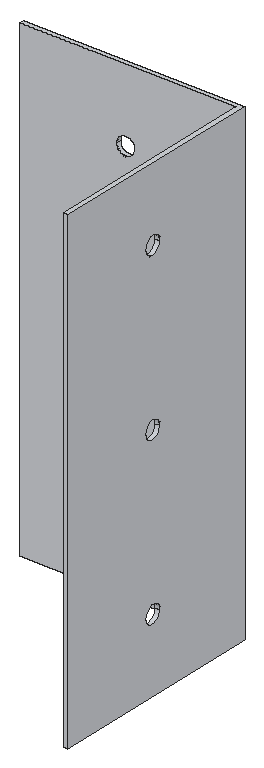
Revit family "UtilityClip", category Structural Connections, Revit 2024
Family settings
  Material for Model Behavior = Other
  Work Plane-Based = No
  Enable Cutting in Views = No
  Always vertical = Yes
  Cut with Voids When Loaded = No
  Shared = No
Parameters (values of type "Default")
  Width = 38.1 mm
  Weight = 0.00 lbf/ft
  URL = "https://www.marinoware.com/product-category/framerite-connectors/rigid/"
  Thickness_Temp = if(Thickness < 0.794 mm, 0.794 mm, Thickness)  # 0.794 mm
  Thickness = 0.54 mm
  SecondHoleControl = if(Length = 50.8 mm, 50.8 mm, 31.75 mm)  # 31.75 mm
  ScrewPattern [instance] = ""
  Reported Length [instance] = 38.1 mm
  Product Submittal Link = "https://www.marinoware.com/submittal/"
  Product Info = "Utility Clip (UA)"
  Manufacturer = "Marino\\WARE®"
  Length = 38.1 mm
  Height = 82.55 mm
  BOM_Weight = 0.00 lbf
Types (3, lengths in mm): name | Thickness_Temp | Thickness | Reported Length
  Default | 0.794 | 0.54 | 38.1
  400x200x800-54 | 1.389 | 1.389 | 203.2
  150x150x300-54 | 1.389 | 1.389 | 38.1
Reference planes
  plane 1 "Center (Front/Back)": y = 0
  plane 2: z = 0
  plane 3 "Center (Left/Right)": x = 0
  plane 4: y = -38.1
  plane 5: z = 82.55
  plane 6: x = -38.1
  plane 7: y = -0.794
  plane 8: x = -0.794
  plane 9: z = 69.85
  plane 10: z = 12.7
  plane 11: z = 41.275
  plane 12: x = -19.844
  plane 13: y = -19.844
  plane 14: y = -51.594
  plane 15: y = -83.344
Forms (mm)
  Extrusion 1, solid, detail levels medium+fine
    sketch origin (0, 0, 0) x (1, 0, 0) y (0, 1, 0)
      loop
        line (-38.1, 0) -> (-38.1, -0.794) -> (-0.794, -0.794) -> (-0.794, -38.1) -> (0, -38.1) -> (0, 0) -> (-38.1, 0)
    from 0 to 82.55
  Extrusion 2, void
    sketch origin (0, 0, 0) x (1, 0, 0) y (0, 0, 1)
      loop
        circle (-19.844, 69.85) r 1.588
      loop
        circle (-19.844, 41.275) r 1.587
      loop
        circle (-19.844, 12.7) r 1.587
    from 0 to 0.794
  Extrusion 3, void
    sketch origin (0, 0, 0) x (0, 1, 0) y (0, 0, 1)
      loop
        circle (-19.844, 69.85) r 1.588
      loop
        circle (-19.844, 41.275) r 1.588
      loop
        circle (-19.844, 12.7) r 1.588
      loop
        circle (-51.594, 12.7) r 1.587
      loop
        circle (-51.594, 41.275) r 1.587
      loop
        circle (-51.594, 69.85) r 1.587
      loop
        circle (-83.344, 69.85) r 1.587
      loop
        circle (-83.344, 41.275) r 1.588
      loop
        circle (-83.344, 12.7) r 1.587
    from -0.794 to 0
Cuts and joins
  Extrusion 2, Extrusion 3 cuts Extrusion 1
Lines and regions (mm)
  model lines, detail levels coarse
    curve 1: line (-38.497, 0, 0) -> (-38.497, 0, 82.55)
Dimensions and locks
  "Length": plane 4 to plane 1 "Center (Front/Back)"
  "Height": plane 5 to plane 2
  "Width": plane 6 to plane 3 "Center (Left/Right)"
  "Thickness_Temp": plane 8 to plane 3 "Center (Left/Right)"
  "Thickness_Temp": plane 7 to plane 1 "Center (Front/Back)"
  locked: plane 8 to plane 12 at 19.05
  locked: plane 5 to plane 9 at 12.7
  locked: plane 10 to plane 2 at 12.7
  equal spacing: plane 5, plane 11, plane 2
  locked: plane 7 to plane 13 at 19.05
  "SecondHoleControl": plane 13 to plane 14
  plane 14 to plane 15 = 31.75 mm
  "Reported Length": plane 1 "Center (Front/Back)" to plane 4
  aligned and locked: plane 2 to level
  aligned and locked: Extrusion 1 sketch curve to plane 4
  aligned and locked: plane 3 "Center (Left/Right)" to Extrusion 1 sketch curve
  aligned and locked: Extrusion 1 sketch curve to plane 1 "Center (Front/Back)"
  aligned and locked: plane 5 to Extrusion 1
  aligned and locked: Extrusion 1 to level
  aligned and locked: Extrusion 1 to plane 6  (x2)
  aligned and locked: Extrusion 1 to plane 7  (x2)
  aligned and locked: plane 3 "Center (Left/Right)" to Extrusion 1
  aligned and locked: Extrusion 1 to plane 8
  aligned and locked: Extrusion 1 to plane 1 "Center (Front/Back)"
  aligned and locked: Extrusion 2 to plane 1 "Center (Front/Back)"
  aligned and locked: Extrusion 1 to Extrusion 2
  aligned and locked: Extrusion 1 to Extrusion 3
  aligned and locked: plane 3 "Center (Left/Right)" to Extrusion 3
Automatic sketch dimensions
  plane 1 "Center (Front/Back)" to Extrusion 1 sketch curve = 0.794 mm
  Extrusion 1 sketch curve to Extrusion 1 sketch curve = 0.794 mm
  Extrusion 1 sketch curve to Extrusion 1 sketch curve = 37.306 mm
  Extrusion 2 sketch curve to plane 11 = 0 mm
  Extrusion 2 sketch curve to plane 12 = 0 mm  (x3)
  Extrusion 2 sketch curve to plane 9 = 0 mm
  Extrusion 2 sketch curve to plane 10 = 0 mm
  curve 1 to plane 5 = 0 mm
  curve 1 to level = 0 mm
  Extrusion 3 sketch curve to plane 11 = 0 mm  (x3)
  Extrusion 3 sketch curve to plane 15 = 0 mm  (x3)
  Extrusion 3 sketch curve to plane 9 = 0 mm  (x3)
  Extrusion 3 sketch curve to plane 10 = 0 mm  (x3)
  Extrusion 3 sketch curve to plane 14 = 0 mm  (x3)
  Extrusion 3 sketch curve to plane 13 = 0 mm  (x3)
  curve 1 to plane 6 = 0.397 mm
  radius of Extrusion 2 sketch curve = 1.588 mm
  radius of Extrusion 2 sketch curve = 1.587 mm  (x2)
  radius of Extrusion 3 sketch curve = 1.588 mm  (x4)
  radius of Extrusion 3 sketch curve = 1.587 mm  (x5)
Types in the file's own list only (96): name | Width | Thickness_Temp | Thickness | SecondHoleControl | Length | Height
  UA-113-16 | 38 mm | 1 mm | 1 mm | 32 mm | 38 mm | 83 mm
  UA-223-16 | 51 mm | 1 mm | 1 mm | 51 mm | 51 mm | 83 mm
  UA-133-16 | 38 mm | 1 mm | 1 mm | 32 mm | 76 mm | 83 mm
  UA-143-16 | 38 mm | 1 mm | 1 mm | 32 mm | 102 mm | 83 mm
  UA-115-16 | 38 mm | 1 mm | 1 mm | 32 mm | 38 mm | 133 mm
  UA-225-16 | 51 mm | 1 mm | 1 mm | 51 mm | 51 mm | 133 mm
  UA-135-16 | 38 mm | 1 mm | 1 mm | 32 mm | 76 mm | 133 mm
  UA-145-16 | 38 mm | 1 mm | 1 mm | 32 mm | 102 mm | 133 mm
  UA-118-16 | 38 mm | 1 mm | 1 mm | 32 mm | 38 mm | 197 mm
  UA-228-16 | 51 mm | 1 mm | 1 mm | 51 mm | 51 mm | 197 mm
  UA-138-16 | 38 mm | 1 mm | 1 mm | 32 mm | 76 mm | 197 mm
  UA-148-16 | 38 mm | 1 mm | 1 mm | 32 mm | 102 mm | 197 mm
  UA-119-16 | 38 mm | 1 mm | 1 mm | 32 mm | 38 mm | 229 mm
  UA-229-16 | 51 mm | 1 mm | 1 mm | 51 mm | 51 mm | 229 mm
  UA-139-16 | 38 mm | 1 mm | 1 mm | 32 mm | 76 mm | 229 mm
  UA-149-16 | 38 mm | 1 mm | 1 mm | 32 mm | 102 mm | 229 mm
  UA-1110-16 | 38 mm | 1 mm | 1 mm | 32 mm | 38 mm | 248 mm
  UA-2210-16 | 51 mm | 1 mm | 1 mm | 51 mm | 51 mm | 248 mm
  UA-1310-16 | 38 mm | 1 mm | 1 mm | 32 mm | 76 mm | 248 mm
  UA-1410-16 | 38 mm | 1 mm | 1 mm | 32 mm | 102 mm | 248 mm
  UA-1112-16 | 38 mm | 1 mm | 1 mm | 32 mm | 38 mm | 298 mm
  UA-2212-16 | 51 mm | 1 mm | 1 mm | 51 mm | 51 mm | 298 mm
  UA-1312-16 | 38 mm | 1 mm | 1 mm | 32 mm | 76 mm | 298 mm
  UA-1412-16 | 38 mm | 1 mm | 1 mm | 32 mm | 102 mm | 298 mm
  UA-1114-16 | 38 mm | 1 mm | 1 mm | 32 mm | 38 mm | 349 mm
  UA-2214-16 | 51 mm | 1 mm | 1 mm | 51 mm | 51 mm | 349 mm
  UA-1314-16 | 38 mm | 1 mm | 1 mm | 32 mm | 76 mm | 349 mm
  UA-1414-16 | 38 mm | 1 mm | 1 mm | 32 mm | 102 mm | 349 mm
  UA-1116-16 | 38 mm | 1 mm | 1 mm | 32 mm | 38 mm | 400 mm
  UA-2216-16 | 51 mm | 1 mm | 1 mm | 51 mm | 51 mm | 400 mm
  UA-1316-16 | 38 mm | 1 mm | 1 mm | 32 mm | 76 mm | 400 mm
  UA-1416-16 | 38 mm | 1 mm | 1 mm | 32 mm | 102 mm | 400 mm
  UA-113-14 | 38 mm | 1 mm | 1 mm | 32 mm | 38 mm | 83 mm
  UA-223-14 | 51 mm | 1 mm | 1 mm | 51 mm | 51 mm | 83 mm
  UA-133-14 | 38 mm | 1 mm | 1 mm | 32 mm | 76 mm | 83 mm
  UA-143-14 | 38 mm | 1 mm | 1 mm | 32 mm | 102 mm | 83 mm
  UA-115-14 | 38 mm | 1 mm | 1 mm | 32 mm | 38 mm | 133 mm
  UA-225-14 | 51 mm | 1 mm | 1 mm | 51 mm | 51 mm | 133 mm
  UA-135-14 | 38 mm | 1 mm | 1 mm | 32 mm | 76 mm | 133 mm
  UA-145-14 | 38 mm | 1 mm | 1 mm | 32 mm | 102 mm | 133 mm
  UA-118-14 | 38 mm | 1 mm | 1 mm | 32 mm | 38 mm | 197 mm
  UA-228-14 | 51 mm | 1 mm | 1 mm | 51 mm | 51 mm | 197 mm
  UA-138-14 | 38 mm | 1 mm | 1 mm | 32 mm | 76 mm | 197 mm
  UA-148-14 | 38 mm | 1 mm | 1 mm | 32 mm | 102 mm | 197 mm
  UA-119-14 | 38 mm | 1 mm | 1 mm | 32 mm | 38 mm | 229 mm
  UA-229-14 | 51 mm | 1 mm | 1 mm | 51 mm | 51 mm | 229 mm
  UA-139-14 | 38 mm | 1 mm | 1 mm | 32 mm | 76 mm | 229 mm
  UA-149-14 | 38 mm | 1 mm | 1 mm | 32 mm | 102 mm | 229 mm
  UA-1110-14 | 38 mm | 1 mm | 1 mm | 32 mm | 38 mm | 248 mm
  UA-2210-14 | 51 mm | 1 mm | 1 mm | 51 mm | 51 mm | 248 mm
  UA-1310-14 | 38 mm | 1 mm | 1 mm | 32 mm | 76 mm | 248 mm
  UA-1410-14 | 38 mm | 1 mm | 1 mm | 32 mm | 102 mm | 248 mm
  UA-1112-14 | 38 mm | 1 mm | 1 mm | 32 mm | 38 mm | 298 mm
  UA-2212-14 | 51 mm | 1 mm | 1 mm | 51 mm | 51 mm | 298 mm
  UA-1312-14 | 38 mm | 1 mm | 1 mm | 32 mm | 76 mm | 298 mm
  UA-1412-14 | 38 mm | 1 mm | 1 mm | 32 mm | 102 mm | 298 mm
  UA-1114-14 | 38 mm | 1 mm | 1 mm | 32 mm | 38 mm | 349 mm
  UA-2214-14 | 51 mm | 1 mm | 1 mm | 51 mm | 51 mm | 349 mm
  UA-1314-14 | 38 mm | 1 mm | 1 mm | 32 mm | 76 mm | 349 mm
  UA-1414-14 | 38 mm | 1 mm | 1 mm | 32 mm | 102 mm | 349 mm
  UA-1116-14 | 38 mm | 1 mm | 1 mm | 32 mm | 38 mm | 400 mm
  UA-2216-14 | 51 mm | 1 mm | 1 mm | 51 mm | 51 mm | 400 mm
  UA-1316-14 | 38 mm | 1 mm | 1 mm | 32 mm | 76 mm | 400 mm
  UA-1416-14 | 38 mm | 1 mm | 1 mm | 32 mm | 102 mm | 400 mm
  UA-113-12 | 38 mm | 1 mm | 1 mm | 32 mm | 38 mm | 83 mm
  UA-223-12 | 51 mm | 1 mm | 1 mm | 51 mm | 51 mm | 83 mm
  UA-133-12 | 38 mm | 1 mm | 1 mm | 32 mm | 76 mm | 83 mm
  UA-143-12 | 38 mm | 1 mm | 1 mm | 32 mm | 102 mm | 83 mm
  UA-115-12 | 38 mm | 1 mm | 1 mm | 32 mm | 38 mm | 133 mm
  UA-225-12 | 51 mm | 1 mm | 1 mm | 51 mm | 51 mm | 133 mm
  UA-135-12 | 38 mm | 1 mm | 1 mm | 32 mm | 76 mm | 133 mm
  UA-145-12 | 38 mm | 1 mm | 1 mm | 32 mm | 102 mm | 133 mm
  UA-118-12 | 38 mm | 1 mm | 1 mm | 32 mm | 38 mm | 197 mm
  UA-228-12 | 51 mm | 1 mm | 1 mm | 51 mm | 51 mm | 197 mm
  UA-138-12 | 38 mm | 1 mm | 1 mm | 32 mm | 76 mm | 197 mm
  UA-148-12 | 38 mm | 1 mm | 1 mm | 32 mm | 102 mm | 197 mm
  UA-119-12 | 38 mm | 1 mm | 1 mm | 32 mm | 38 mm | 229 mm
  UA-229-12 | 51 mm | 1 mm | 1 mm | 51 mm | 51 mm | 229 mm
  UA-139-12 | 38 mm | 1 mm | 1 mm | 32 mm | 76 mm | 229 mm
  UA-149-12 | 38 mm | 1 mm | 1 mm | 32 mm | 102 mm | 229 mm
  UA-1110-12 | 38 mm | 1 mm | 1 mm | 32 mm | 38 mm | 248 mm
  UA-2210-12 | 51 mm | 1 mm | 1 mm | 51 mm | 51 mm | 248 mm
  UA-1310-12 | 38 mm | 1 mm | 1 mm | 32 mm | 76 mm | 248 mm
  UA-1410-12 | 38 mm | 1 mm | 1 mm | 32 mm | 102 mm | 248 mm
  UA-1112-12 | 38 mm | 1 mm | 1 mm | 32 mm | 38 mm | 298 mm
  UA-2212-12 | 51 mm | 1 mm | 1 mm | 51 mm | 51 mm | 298 mm
  UA-1312-12 | 38 mm | 1 mm | 1 mm | 32 mm | 76 mm | 298 mm
  UA-1412-12 | 38 mm | 1 mm | 1 mm | 32 mm | 102 mm | 298 mm
  UA-1114-12 | 38 mm | 1 mm | 1 mm | 32 mm | 38 mm | 349 mm
  UA-2214-12 | 51 mm | 1 mm | 1 mm | 51 mm | 51 mm | 349 mm
  UA-1314-12 | 38 mm | 1 mm | 1 mm | 32 mm | 76 mm | 349 mm
  UA-1414-12 | 38 mm | 1 mm | 1 mm | 32 mm | 102 mm | 349 mm
  UA-1116-12 | 38 mm | 1 mm | 1 mm | 32 mm | 38 mm | 400 mm
  UA-2216-12 | 51 mm | 1 mm | 1 mm | 51 mm | 51 mm | 400 mm
  UA-1316-12 | 38 mm | 1 mm | 1 mm | 32 mm | 76 mm | 400 mm
  UA-1416-12 | 38 mm | 1 mm | 1 mm | 32 mm | 102 mm | 400 mm
